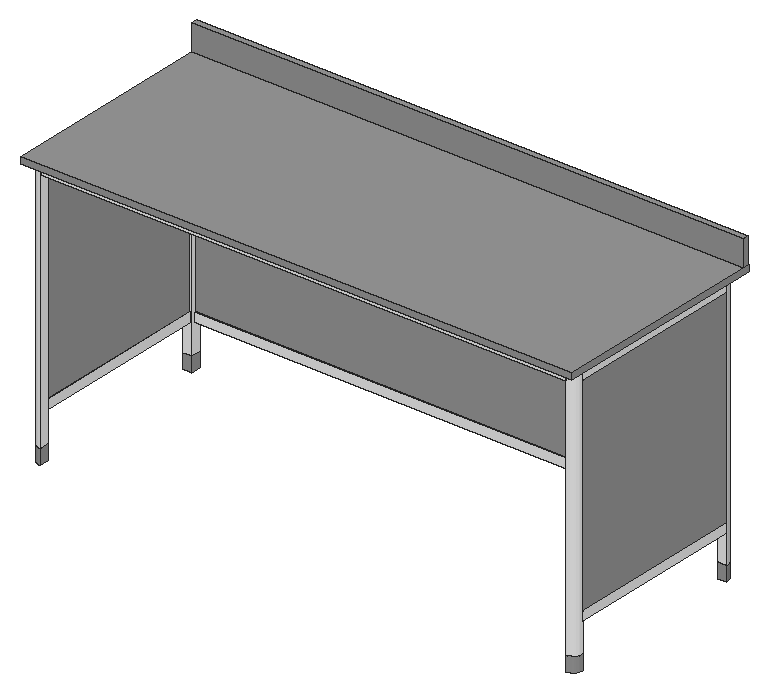
Revit family "Стол медицинский без тумбы ДМ", category Оборудование, Revit 2017
Family settings
  Размер круглого соединителя = Использовать диаметр
  Тип детали = Нормальный
  На основе рабочей плоскости = Нет
  Всегда вертикально = Да
  При загрузке вырезать с полостями = Нет
  Общий = Нет
  Точка расчета площади = Нет
Parameters (values of type "1500х600")
  Фасад = Столешница медицинской мебели ДСП с пластиковым покрытием
  Ручки = Алюминий 7075
  Панели = Пластмасса, непрозрачная, белая
  Общ_Ширина = 1500.0 mm
  Общ_Тип, марка = "ДМ-2-006-03"
  Общ_Примечание КР [instance] = ""
  Общ_Примечание АР [instance] = ""
  Общ_Примечание = ""
  Общ_Поставщик = "Доктор Мебель"
  Общ_Позиция = ""
  Общ_Наименование = "Стол медицинский без тумбы"
  Общ_Масса = ""
  Общ_Код продукции = ""
  Общ_Единицы измерения = "шт."
  Общ_Глубина = 600.0 mm
  Общ_Высота = 820.0 mm
  Ножки = Пластмасса, непрозрачная, черная
  Keynote = ""
  Каркас = Алюминий 7075
  Длина ручек = 150.0 mm
  Model = ""
Types (3, lengths in mm): name | Общ_Ширина | Общ_Тип, марка
  900х600 | 900.0 | "ДМ-2-006-01"
  1200х600 | 1200.0 | "ДМ-2-006-02"
  1500х600 | 1500.0 | "ДМ-2-006-03"
Reference planes
  plane 1 "По центру (Вперед/Назад)": y = 0
  plane 2: z = 0
  plane 3 "По центру (Влево/Вправо)": x = 0
  plane 4: x = 750
  plane 5: x = -750
  plane 6: y = 300
  plane 7: y = -300
  plane 8: y = -250
  plane 9: x = -715
  plane 10: x = 715
  plane 11: y = 240
  plane 12: z = 820
  plane 13: z = 733
  plane 14: z = 708
Forms (mm)
  Extrusion 1, solid, material "Пластмасса, непрозрачная, белая" <- "Панели", detail levels fine
    sketch origin (0, 0, 0) x (1, 0, 0) y (0, 1, 0)
      loop
        line (-750, 300) -> (-750, -300) -> (750, -300) -> (750, 300) -> (-750, 300)
    from 733 to 750
  Extrusion 2, solid, material "Пластмасса, непрозрачная, белая" <- "Панели", detail levels fine
    sketch origin (0, 0, 0) x (1, 0, 0) y (0, 1, 0)
      loop
        line (-750, 300) -> (-750, 284) -> (750, 284) -> (750, 300) -> (-750, 300)
    from 820 to 750
  Extrusion 3, solid, material "Пластмасса, непрозрачная, белая" <- "Панели", detail levels fine
    sketch origin (0, 0, 0) x (1, 0, 0) y (0, 1, 0)
      loop
        line (-715, 265) -> (-715, 249) -> (715, 249) -> (715, 265) -> (-715, 265)
      loop
        line (-724, 240) -> (-740, 240) -> (-740, -250) -> (-724, -250) -> (-724, 240)
      loop
        line (724, 240) -> (724, -250) -> (740, -250) -> (740, 240) -> (724, 240)
    from 145 to 708
  Extrusion 4, solid, material "Пластмасса, непрозрачная, черная" <- "Ножки", detail levels fine
    sketch origin (0, 0, 0) x (1, 0, 0) y (0, 1, 0)
      loop
        arc (-715, 265) -> (-732.678, 257.678) -> (-740, 240) r 25
        line (-740, 240) -> (-715, 240) -> (-715, 265)
      loop
        arc (740, 240) -> (732.678, 257.678) -> (715, 265) r 25
        line (715, 265) -> (715, 240) -> (740, 240)
      loop
        arc (715, -275) -> (732.678, -267.678) -> (740, -250) r 25
        line (740, -250) -> (715, -250) -> (715, -275)
      loop
        arc (-740, -250) -> (-732.678, -267.678) -> (-715, -275) r 25
        line (-715, -275) -> (-715, -250) -> (-740, -250)
    from 0 to 40
  Extrusion 5, solid, material "Алюминий 7075" <- "Каркас", detail levels fine
    sketch origin (0, 0, 0) x (1, 0, 0) y (0, 1, 0)
      loop
        line (-740, -250) -> (-720, -250) -> (-720, 240) -> (-740, 240) -> (-740, -250)
      loop
        line (-715, 265) -> (-715, 245) -> (715, 245) -> (715, 265) -> (-715, 265)
      loop
        line (740, -250) -> (740, 240) -> (720, 240) -> (720, -250) -> (740, -250)
      loop
        line (-715, -275) -> (715, -275) -> (715, -255) -> (-715, -255) -> (-715, -275)
    from 708 to 733
  Extrusion 6, solid, material "Алюминий 7075" <- "Каркас", detail levels fine
    sketch origin (0, 0, 0) x (1, 0, 0) y (0, 1, 0)
      loop
        line (-715, 245) -> (715, 245) -> (715, 265) -> (-715, 265) -> (-715, 245)
      loop
        line (-720, -250) -> (-720, 240) -> (-740, 240) -> (-740, -250) -> (-720, -250)
      loop
        line (720, 240) -> (720, -250) -> (740, -250) -> (740, 240) -> (720, 240)
    from 120 to 145
  Extrusion 7, solid, material "Алюминий 7075" <- "Каркас", detail levels fine
    sketch origin (100, -1524, 708) x (-1, 0, 0) y (0, -1, 0)
      loop
        arc (815, -1789) -> (832.678, -1781.678) -> (840, -1764) r 25
        line (840, -1764) -> (815, -1764) -> (815, -1789)
      loop
        arc (-640, -1764) -> (-632.678, -1781.678) -> (-615, -1789) r 25
        line (-615, -1789) -> (-615, -1764) -> (-640, -1764)
      loop
        arc (-615, -1249) -> (-632.678, -1256.322) -> (-640, -1274) r 25
        line (-640, -1274) -> (-615, -1274) -> (-615, -1249)
      loop
        arc (840, -1274) -> (832.678, -1256.322) -> (815, -1249) r 25
        line (815, -1249) -> (815, -1274) -> (840, -1274)
    from -668 to 25
Lines and regions (mm)
  symbolic lines, detail levels coarse+medium
    curve 1: line (750, 300, 708) -> (-750, 300, 708)
    curve 2: line (750, -300, 708) -> (750, 300, 708)
    curve 3: line (-750, -300, 708) -> (750, -300, 708)
    curve 4: line (-750, 300, 708) -> (-750, -300, 708)
    curve 5: line (-750, -300, 708) -> (750, 300, 708)
    curve 6: line (-20, -300, 708) -> (0, -245.05, 708)
    curve 7: line (20, -300, 708) -> (0, -245.05, 708)
Dimensions and locks
  "Общ_Ширина": plane 5 to plane 4
  equal spacing: plane 5, plane 3 "По центру (Влево/Вправо)", plane 4
  "Общ_Глубина": plane 6 to plane 7
  equal spacing: plane 6, plane 1 "По центру (Вперед/Назад)", plane 7
  locked: plane 8 to plane 7 at 50
  locked: plane 5 to plane 9 at 35
  locked: plane 10 to plane 4 at 35
  locked: plane 6 to plane 11 at 60
  "Общ_Высота": plane 12 to level
  locked: plane 12 to plane 13 at 87
  locked: Extrusion 2 to Extrusion 1 at 70
  locked: Extrusion 1 to Extrusion 1 at 17
  locked: plane 13 to plane 14 at 25
  aligned and locked: level to plane 2
  aligned and locked: plane 12 to Extrusion 2
  aligned and locked: Extrusion 2 to Extrusion 1
  aligned and locked: Extrusion 5 to Extrusion 1
  aligned and locked: Extrusion 3 to Extrusion 5
  aligned and locked: Extrusion 5 to plane 14
  aligned and locked: Extrusion 7 to Extrusion 4
  aligned and locked: curve 1 to Extrusion 1
  aligned and locked: curve 2 to Extrusion 1
  aligned and locked: curve 3 to Extrusion 1
  aligned and locked: curve 4 to Extrusion 1
Automatic sketch dimensions
  Extrusion 1 sketch curve to plane 5 = 0.0 mm
  Extrusion 1 sketch curve to plane 4 = 0.0 mm
  Extrusion 1 sketch curve to plane 7 = 0.0 mm
  Extrusion 1 sketch curve to plane 6 = 0.0 mm
  Extrusion 2 sketch curve to plane 5 = 0.0 mm
  Extrusion 2 sketch curve to plane 4 = 0.0 mm
  Extrusion 2 sketch curve to plane 6 = 0.0 mm
  Extrusion 2 sketch curve to Extrusion 2 sketch curve = 16.0 mm
  Extrusion 3 sketch curve to plane 11 = 0.0 mm  (x2)
  plane 8 to Extrusion 3 sketch curve = 0.0 mm  (x2)
  Extrusion 3 sketch curve to plane 9 = 0.0 mm
  plane 9 to Extrusion 3 sketch curve = 9.0 mm
  Extrusion 3 sketch curve to plane 10 = 0.0 mm
  plane 10 to Extrusion 3 sketch curve = 9.0 mm
  Extrusion 3 sketch curve to Extrusion 3 sketch curve = 16.0 mm  (x3)
  plane 11 to Extrusion 3 sketch curve = 9.0 mm
  Extrusion 4 sketch curve to plane 11 = 0.0 mm  (x2)
  Extrusion 4 sketch curve to plane 9 = 0.0 mm  (x2)
  plane 5 to Extrusion 4 sketch curve = 10.0 mm  (x2)
  Extrusion 4 sketch curve to plane 10 = 0.0 mm  (x2)
  Extrusion 4 sketch curve to plane 4 = 10.0 mm  (x2)
  plane 8 to Extrusion 4 sketch curve = 0.0 mm  (x2)
  Extrusion 6 sketch curve to plane 9 = 0.0 mm
  Extrusion 6 sketch curve to plane 10 = 0.0 mm
  plane 11 to Extrusion 6 sketch curve = 5.0 mm
  Extrusion 6 sketch curve to Extrusion 6 sketch curve = 20.0 mm
  plane 8 to Extrusion 6 sketch curve = 0.0 mm  (x2)
  Extrusion 6 sketch curve to plane 11 = 0.0 mm  (x2)
  plane 9 to Extrusion 6 sketch curve = 5.0 mm
  plane 5 to Extrusion 6 sketch curve = 10.0 mm
  plane 10 to Extrusion 6 sketch curve = 5.0 mm
  Extrusion 6 sketch curve to plane 4 = 10.0 mm
  Extrusion 5 sketch curve to plane 11 = 0.0 mm  (x2)
  plane 8 to Extrusion 5 sketch curve = 0.0 mm  (x2)
  Extrusion 5 sketch curve to plane 9 = 0.0 mm  (x2)
  Extrusion 5 sketch curve to plane 10 = 0.0 mm  (x2)
  plane 9 to Extrusion 5 sketch curve = 5.0 mm
  plane 5 to Extrusion 5 sketch curve = 10.0 mm
  plane 10 to Extrusion 5 sketch curve = 5.0 mm
  Extrusion 5 sketch curve to plane 4 = 10.0 mm
  plane 8 to Extrusion 5 sketch curve = 25.0 mm
  plane 8 to Extrusion 5 sketch curve = 5.0 mm
  plane 11 to Extrusion 5 sketch curve = 5.0 mm
  Extrusion 5 sketch curve to Extrusion 5 sketch curve = 20.0 mm
  Extrusion 7 sketch curve to plane 9 = 0.0 mm  (x2)
  Extrusion 7 sketch curve to plane 11 = 0.0 mm  (x2)
  plane 5 to Extrusion 7 sketch curve = 10.0 mm  (x2)
  Extrusion 7 sketch curve to plane 10 = 0.0 mm  (x2)
  Extrusion 7 sketch curve to plane 4 = 10.0 mm  (x2)
  plane 8 to Extrusion 7 sketch curve = 0.0 mm  (x2)
  curve 6 to plane 3 "По центру (Влево/Вправо)" = 0.0 mm
  curve 7 to plane 8 = 4.95 mm
  plane 3 "По центру (Влево/Вправо)" to curve 7 = 20.0 mm
  curve 6 to plane 3 "По центру (Влево/Вправо)" = 20.0 mm
